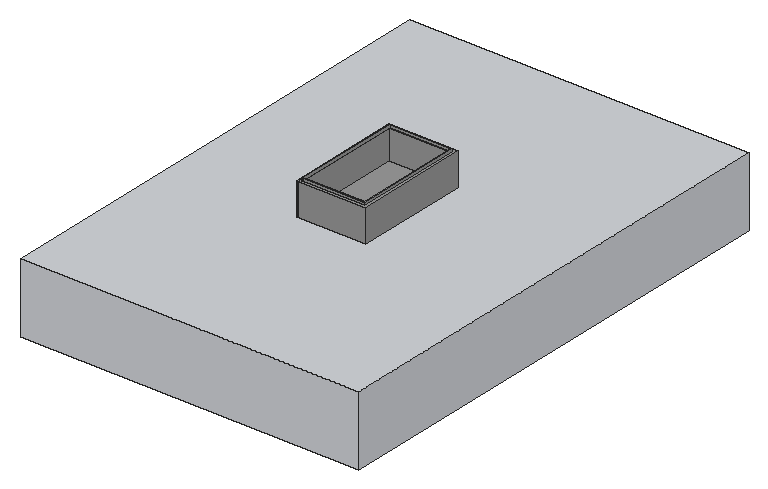
Revit family "Hager-Univers-IP30-D161-3rows-Cl.II-FWB_encl_empty-CH-de", category Equipement électrique, Revit 2020
Family settings
  Hôte = Face
  Configuration du panneau = Deux colonnes, circuits au sein
  Cote de connecteur circulaire = Utiliser le diamètre
  Type d'élément = Tableau de raccordement
  Couper avec des vides une fois chargée = Non
  Partagée = Non
  Point de calcul de pièce = Non
Parameters (values of type "Aufputz IP30 B300 H500 T161  - FWB31D1")
  Width Control [instance] = if([EF000008 - Breite] > Min Width, [EF000008 - Breite], Min Width)  # 300 mm
  Commentaires du type = [HG000003 - Bereich]  # "Univers"
  Thickness Door [instance] = if([EF009171 - Materialstärke Tür/Deckel] > 3 mm, 3 mm, [EF009171 - Materialstärke Tür/Deckel])  # 2 mm
  Seal Frame Offset [instance] = 17 mm  # constant formula
  Plinth Visibility [instance] = [HG000027 - Sockelhöhe] > 0 mm  # no
  Model = ""
  Min Width [instance] = 100 mm  # constant formula
  Min Height [instance] = 100 mm  # constant formula
  Min Depth [instance] = (2 * [EF009170 - Materialstärke Gehäuse]) + 1 mm  # 5 mm
  Internal Frame Depth [instance] = (Door System Depth * 0.5)  # 9 mm
  Height Control [instance] = if([EF000040 - Höhe] > Min Height, [EF000040 - Höhe], Min Height)  # 500 mm
  HG000027 - Sockelhöhe = 0 mm
  HG000026 - Stehend auf dem Boden = no
  HG000024 - Höhe des unteren Teils = 800 mm
  HG000023 - Gehäuse mit doppeltem Querschnitt = no
  HG000016 - 3D-Türsichtbarkeit [instance] = yes
  HG000015 - Sichtbarkeit der Türöffnung [instance] = no
  HG000014 - Tür rechts [instance] = yes
  HG000013 - Tür links [instance] = not([HG000014 - Tür rechts])  # no
  HG000012 - Türschwenkwinkel [instance] = 30.00°
  HG000010 - Asymmetrische Türen = no
  HG000009 - Doppelflügeligen Tür = no
  HG000006 - Unterputz = no
  HG000004 - Herstellerreferenz = "FWB31D1"
  HG000003 - Bereich = "Univers"
  HG000002 - Mit tür = no
  Frame Offset Bottom [instance] = 10 mm  # constant formula
  Frame Offset [instance] = 15 mm  # constant formula
  EF015940 - Deckel mit Überdruckentlastung = no
  EF011959 - Schutzart (NEMA) = ""
  EF009554 - Anzahl der Öffnungen für Flanschplatten = 2
  Fabricant = "Hager"  # constant formula
  EF009212 - Ausführung Deckel = "EV009916 - mit Ausschnitt"
  EF009171 - Materialstärke Tür/Deckel = 2 mm
  EF009170 - Materialstärke Gehäuse = 2 mm
  EF008873 - Nennstrom (In) = 125 A
  EF007800 - Geeignet für Blitzschutz = no
  EF006306 - Mit Schloss = no
  EF006244 - Transparenter Deckel/Tür = no
  EF005474 - Schutzart (IP) = "EV006410 - IP30"
  EF004464 - Art der Tür = "EV000494 - ohne"
  EF004427 - Anzahl der Module = 36
  EF004293 - Schlagfestigkeit = "EV006815 - IK09"
  EF003532 - Geeignet für Außengebrauch = no
  EF002950 - Breite in Teilungseinheiten = 12
  EF001613 - Funktionserhalt = "EV000494 - ohne"
  EF001596 - Werkstoff des Gehäuses = "EV000179 - Stahl"
  EF001131 - Innentiefe = 156 mm
  EF001088 - Anbaumöglichkeit = yes
  EF000437 - Anzahl der Leitungseinführungen = 4
  EF000339 - Art der Abdeckung = "EV000494 - ohne"
  EF000266 - Anzahl der Reihen = 0
  EF000218 - Einbautiefe = 0 mm
  EF000118 - Mit Montageplatte = no
  EF000116 - RAL-Nummer = "9010"
  EF000049 - Tiefe = 161 mm
  EF000040 - Höhe = 500 mm
  EF000008 - Breite = 300 mm
  EF000007 - Farbe = "EV000202 - weiß"
  EF000003 - Montageart = "EV000384 - Aufputz"
  Door System Leaf Tolerance [instance] = 1.5 mm  # constant formula
  Door System Depth [instance] = 18 mm  # constant formula
  Door Height [instance] = Height Control - [HG000027 - Sockelhöhe]  # 500 mm
  Depth Control [instance] = if([EF000049 - Tiefe] > Min Depth, [EF000049 - Tiefe], Min Depth)  # 161 mm
  Default Elevation = 0 mm
  Connector Offset [instance] = Height Control / 2  # 250 mm
  Bottom Top Plate Trim [instance] = 1.5 mm  # constant formula
  Plinth height Ctrl [instance] = if([HG000027 - Sockelhöhe] > 0 mm, [HG000027 - Sockelhöhe], 12 mm)  # 12 mm
Reference planes
  plane 1 "Center (Front/Back)": y = 0
  plane 2: z = 0
  plane 3 "Center (Left/Right)": x = 0
  plane 4: z = 161
  plane 5: y = 2
  plane 6: y = 250
  plane 7: y = 0
  plane 8: y = 500
  plane 9: z = 0
  plane 10: x = -135
  plane 11: x = 135
  plane 12: x = 133
  plane 13: x = -133
  plane 14: y = 498
  plane 15: x = -133
  plane 16: x = -150
  plane 17: x = 133
  plane 18: x = 150
  plane 19: x = 148
  plane 20: x = -148
  plane 21: y = 12
  plane 22: y = 500
  plane 23: y = 483
  plane 24: z = 143
  plane 25: z = 2
  plane 26: z = 141
  plane 27: z = 159
Forms (mm)
  Extrusion 1, solid
    sketch origin (0, 0, 0) x (1, 0, 0) y (0, 1, 0)
      loop
        line (-702.964, 1305) -> (-702.964, -811.445) -> (766.763, -811.445) -> (766.763, 1305) -> (-702.964, 1305)
    from 0 to -304.8
  Extrusion 2, solid, material "Hager_Steel_RAL7035_Light_Grey", visible <- "Plinth Visibility", detail levels medium+fine
    sketch origin (0, 0, 0) x (1, 0, 0) y (0, 1, 0)
      loop
        line (-150, 0) -> (150, 0) -> (150, 12) -> (-150, 12) -> (-150, 0)
    from 0 to 143
  Extrusion 3, solid, material "Hager_Steel_RAL7035_Light_Grey", detail levels medium+fine
    sketch origin (0, 0, 0) x (1, 0, 0) y (0, 1, 0)
      loop
        line (-150, 0) -> (150, 0) -> (150, 500) -> (-150, 500) -> (-150, 0)
    from 0 to 143
  Extrusion 4, void
    sketch origin (0, 0, 0) x (1, 0, 0) y (0, 1, 0)
      loop
        line (-148, 2) -> (148, 2) -> (148, 498) -> (-148, 498) -> (-148, 2)
    from 2 to 141
  Extrusion 5, void
    sketch origin (-381.607, -4572, 143) x (0, -1, 0) y (-1, 0, 0)
      loop
        line (-4584, -248.607) -> (-5055, -248.607) -> (-5055, -514.607) -> (-4584, -514.607) -> (-4584, -248.607)
    from 0 to 2 <- "EF009170 - Materialstärke Gehäuse"
  Extrusion 6, solid, material "Hager_Steel_RAL7035_Light_Grey", detail levels fine
    sketch origin (0, 0, 143) x (1, 0, 0) y (0, 1, 0)
      loop
        line (-133, 483) -> (-133, 12) -> (133, 12) -> (133, 483) -> (-133, 483)
      loop
        line (-135, 10) -> (135, 10) -> (135, 485) -> (-135, 485) -> (-135, 10)
    from 0 to 9 <- "Internal Frame Depth"
  Extrusion 7, solid, material "Hager_Steel_RAL7035_Light_Grey", detail levels coarse
    sketch origin (0, 0, 0) x (1, 0, 0) y (0, 1, 0)
      loop
        line (-150, 0) -> (150, 0) -> (150, 500) -> (-150, 500) -> (-150, 0)
    from 0 to 161
  Sweep 8, void
    path in 3D
      loop
        line (-150, 12, 0) -> (150, 12, 0) -> (150, 12, 143) -> (-150, 12, 143) -> (-150, 12, 0)
    profile origin (-150, 12, 71.5) x (-1, 0, 0) y (0, -1, 0)
      loop
        line (0, 0) -> (0, 1.5) -> (-1.5, 1.5)
        arc (-1.5, 1.5) -> (-1.061, 0.439) -> (0, 0) r 1.5
Cuts and joins
  Extrusion 4, Extrusion 5 cuts Extrusion 3
  Sweep 8 cuts Extrusion 2
Lines and regions (mm)
  Masking region 1
    outline origin (0, 0, 0) x (1, 0, 0) y (0, 0, 1)
      loop
        line (-150, 161) -> (-150, 0) -> (150, 0) -> (150, 161) -> (-150, 161)
  Masking region 2, detail levels medium+fine
    outline origin (0, 140, 0) x (0, 1, 0) y (0, 0, 1)
      loop
        line (-140, 0) -> (360, 0) -> (360, 143) -> (-140, 143) -> (-140, 0)
  Masking region 3, not visible, detail levels medium+fine
    outline origin (0, 297.922, 0) x (0, 1, 0) y (0, 0, 1)
      loop
        line (-36.422, 0) -> (3.578, 0) -> (3.578, 149)
        arc (3.578, 149) -> (0.649, 156.071) -> (-6.422, 159) r 10
        line (-6.422, 159) -> (-36.422, 159) -> (-36.422, 0)
  Masking region 4, detail levels coarse
    outline origin (0, 0, 180) x (0, 1, 0) y (0, 0, 1)
      loop
        line (0, -180) -> (500, -180) -> (500, -19) -> (0, -19) -> (0, -180)
  Masking region 5, visible <- "Plinth Visibility", detail levels medium+fine
    outline origin (0, 52.24, 12.345) x (0, 0, -1) y (0, 1, 0)
      loop
        line (10.845, -40.24) -> (-129.155, -40.24)
        arc (-129.155, -40.24) -> (-129.594, -41.301) -> (-130.655, -41.74) r 1.5
        line (-130.655, -41.74) -> (-130.655, -52.24) -> (12.345, -52.24) -> (12.345, -41.74)
        arc (12.345, -41.74) -> (11.285, -41.301) -> (10.845, -40.24) r 1.5
  Masking region 6, detail levels medium+fine
    outline origin (-381.607, -4572, 143) x (-1, 0, 0) y (0, -1, 0)
      loop
        line (-231.607, -5072) -> (-231.607, -4572) -> (-531.607, -4572) -> (-531.607, -5072) -> (-231.607, -5072)
  Masking region 7, visible <- "Plinth Visibility", detail levels medium+fine
    outline origin (-381.607, -4727, 143) x (-1, 0, 0) y (0, -1, 0)
      loop
        arc (-233.107, -4739) -> (-232.668, -4737.939) -> (-231.607, -4737.5) r 1.5
        line (-231.607, -4737.5) -> (-231.607, -4727) -> (-531.607, -4727) -> (-531.607, -4737.5)
        arc (-531.607, -4737.5) -> (-530.546, -4737.939) -> (-530.107, -4739) r 1.5
        line (-530.107, -4739) -> (-233.107, -4739)
  Masking region 8, detail levels coarse
    outline origin (-442.548, -4669.526, 143) x (-1, 0, 0) y (0, -1, 0)
      loop
        line (-292.548, -5169.526) -> (-292.548, -4669.526) -> (-592.548, -4669.526) -> (-592.548, -5169.526) -> (-292.548, -5169.526)
  sketch lines
    curve 1: line (-150, 12, 143) -> (-150, 12, 0)
    curve 2: line (150, 12, 143) -> (-150, 12, 143)
    curve 3: line (150, 12, 143) -> (150, 12, 0)
    curve 4: line (-150, 12, 0) -> (150, 12, 0)
Dimensions and locks
  "Depth Control": plane 4 to Extrusion 1
  "HG000027 - Sockelhöhe": plane 1 "Center (Front/Back)" to plane 7
  "EF009170 - Materialstärke Gehäuse": plane 5 to plane 7
  locked: connector elem to plane 3 "Center (Left/Right)"
  equal spacing: plane 8, plane 6, plane 7
  locked: connector elem to plane 6
  "EF009170 - Materialstärke Gehäuse": plane 8 to plane 14
  "EF009170 - Materialstärke Gehäuse": plane 10 to plane 13
  "EF009170 - Materialstärke Gehäuse": plane 12 to plane 11
  "Frame Offset": plane 20 to plane 13
  "Frame Offset": plane 12 to plane 19
  "EF009170 - Materialstärke Gehäuse": plane 16 to plane 20
  "EF009170 - Materialstärke Gehäuse": plane 19 to plane 18
  "Seal Frame Offset": plane 16 to plane 15
  "Seal Frame Offset": plane 17 to plane 18
  "Frame Offset Bottom": plane 21 to plane 5
  "Frame Offset": plane 14 to plane 23
  equal spacing: plane 16, plane 3 "Center (Left/Right)", plane 18
  "Width Control": plane 16 to plane 18
  "EF009170 - Materialstärke Gehäuse": plane 4 to plane 27
  "EF009170 - Materialstärke Gehäuse": plane 24 to plane 26
  "EF009170 - Materialstärke Gehäuse": plane 25 to level
  "Door System Depth": plane 4 to plane 24
  "Height Control": plane 1 "Center (Front/Back)" to Extrusion 7 sketch curve
  "Height Control": Masking region 4 sketch curve to plane 1 "Center (Front/Back)"
  "Height Control": plane 1 "Center (Front/Back)" to plane 22
  "Bottom Top Plate Trim": profile plane to Sweep 8 sketch curve
  "Bottom Top Plate Trim": Sweep 8 sketch curve to profile plane
  "Plinth height Ctrl": plane 1 "Center (Front/Back)" to Extrusion 2 sketch curve
  "Plinth height Ctrl": Masking region 5 sketch curve to plane 1 "Center (Front/Back)"
  "Plinth height Ctrl": plane 1 "Center (Front/Back)" to Masking region 7 sketch curve
  "Thickness Door": Extrusion 6 sketch curve to Extrusion 6 sketch curve  (x3)
  "Thickness Door": cut or joined group of Extrusion 3, Extrusion 4, Extrusion 5 to Extrusion 6 sketch curve
  radius of Masking region 3 sketch curve = 10 mm
  "Bottom Top Plate Trim": radius of Masking region 5 sketch curve  (x2)
  "Bottom Top Plate Trim": radius of Sweep 8 sketch curve
  "Bottom Top Plate Trim": radius of Masking region 7 sketch curve  (x2)
  aligned and locked: plane 2 to Extrusion 1
  aligned and locked: level to Extrusion 1
  aligned and locked: level to Masking region 1 sketch curve
  aligned and locked: Masking region 1 sketch curve to plane 18
  aligned and locked: Masking region 1 sketch curve to plane 16
  aligned and locked: plane 7 to Masking region 2 sketch curve
  aligned and locked: level to Masking region 3 sketch curve
  aligned and locked: Masking region 3 sketch curve to plane 27
  aligned and locked: level to Masking region 2 sketch curve
  aligned and locked: plane 1 "Center (Front/Back)" to Extrusion 2 sketch curve
  aligned and locked: Extrusion 3 sketch curve to plane 7
  aligned and locked: plane 16 to Extrusion 3 sketch curve
  aligned and locked: plane 18 to Extrusion 3 sketch curve
  aligned and locked: plane 20 to Extrusion 4 sketch curve
  aligned and locked: plane 19 to Extrusion 4 sketch curve
  aligned and locked: Extrusion 4 sketch curve to plane 5
  aligned and locked: Extrusion 4 to plane 25
  aligned and locked: plane 26 to Extrusion 4
  aligned and locked: plane 24 to Extrusion 3
  aligned and locked: plane 21 to Extrusion 5 sketch curve
  aligned and locked: Extrusion 5 sketch curve to plane 13
  aligned and locked: Extrusion 5 sketch curve to plane 12
  aligned and locked: plane 18 to Extrusion 7 sketch curve
  aligned and locked: plane 1 "Center (Front/Back)" to Extrusion 7 sketch curve
  aligned and locked: plane 16 to Extrusion 7 sketch curve
  aligned and locked: plane 4 to Extrusion 7
  aligned and locked: Extrusion 7 to level
  aligned and locked: level to Masking region 4 sketch curve
  aligned and locked: Masking region 4 sketch curve to plane 1 "Center (Front/Back)"
  aligned and locked: Masking region 4 sketch curve to plane 4
  aligned and locked: nested 1 to level
  aligned and locked: nested 1 to plane 16
  aligned and locked: plane 8 to Extrusion 3 sketch curve
  aligned and locked: plane 23 to Extrusion 5 sketch curve
  aligned and locked: plane 14 to Extrusion 4 sketch curve
  aligned and locked: Masking region 2 sketch curve to plane 8
  aligned and locked: level to Masking region 5 sketch curve
  aligned and locked: plane 16 to Extrusion 2 sketch curve
  aligned and locked: plane 18 to Extrusion 2 sketch curve
  aligned and locked: Masking region 5 sketch curve to plane 24
  aligned and locked: Masking region 2 sketch curve to plane 24
  aligned and locked: plane 24 to Extrusion 2
  aligned and locked: profile plane to Sweep 8 sketch curve  (x2)
  aligned and locked: Masking region 6 sketch curve to plane 18
  aligned and locked: Masking region 6 sketch curve to plane 22
  aligned and locked: Masking region 6 sketch curve to plane 16
  aligned and locked: plane 8 to plane 22
  aligned and locked: plane 7 to Masking region 6 sketch curve
  aligned and locked: Masking region 7 sketch curve to plane 16
  aligned and locked: Masking region 7 sketch curve to plane 1 "Center (Front/Back)"
  aligned and locked: Masking region 7 sketch curve to plane 18
  aligned and locked: Masking region 8 sketch curve to plane 1 "Center (Front/Back)"
  aligned and locked: Masking region 8 sketch curve to plane 18
  aligned and locked: Masking region 8 sketch curve to plane 22
  aligned and locked: Masking region 8 sketch curve to plane 16
  aligned and locked: nested 2 to plane 7
  aligned and locked: plane 3 "Center (Left/Right)" to nested 2
  aligned and locked: plane 24 to nested 2
  aligned and locked: Extrusion 6 sketch curve to cut or joined group of Extrusion 3, Extrusion 4, Extrusion 5  (x4)
Automatic sketch dimensions
  Extrusion 1 sketch curve to Extrusion 1 sketch curve = 1469.727 mm
  Extrusion 1 sketch curve to Extrusion 1 sketch curve = 2116.445 mm
  Masking region 1 sketch curve to plane 4 = 0 mm
  plane 6 to Masking region 3 sketch curve = 11.5 mm
  Masking region 3 sketch curve to Masking region 3 sketch curve = 30 mm
  Masking region 5 sketch curve to plane 1 "Center (Front/Back)" = 0 mm
Nested families
  nested 1: "Hager_Enclosure_Symbol" at (-150, 0, 0) x (1, 0, 0) z (0, -1, 0), Height <- "Depth Control", Width <- "Width Control", type "Hager_Enclosure_Symbol"
    with Width_Ctrl 300 mm, Width 300 mm, Height_Ctrl 161 mm, Height 161 mm, A_Width_Int 10.566 mm, A_Width 126.788 mm, A_Height_Ctrl 140.875 mm, A_Height 140.875 mm
  nested 2: "EC000058_Univers_Door" at (0, 0, 143) x (1, 0, 0) z (0, 1, 0), Leaf_Tolerance <- "Door System Leaf Tolerance", Angle <- "HG000012 - Türschwenkwinkel", Door_Depth <- "Door System Depth", Door_Left <- "HG000013 - Tür links", Transparent <- "EF006244 - Transparenter Deckel/Tür", Assymetrical <- "HG000010 - Asymmetrische Türen", Width <- "Width Control", Clearance <- "HG000015 - Sichtbarkeit der Türöffnung", Double <- "HG000009 - Doppelflügeligen Tür", 3d_Door <- "HG000016 - 3D-Türsichtbarkeit", Lock_Visibility <- "EF006306 - Mit Schloss", Width_Ctrl <- "Width Control", Door_Right <- "HG000014 - Tür rechts", Door <- "HG000002 - Mit tür", Height <- "Door Height", Thickness <- "Thickness Door", type "EC000058_Univers_Door", detail levels medium+fine
    with min_wh 5 mm, Width_Ctrl 300 mm, Width 300 mm, Transparent no, Thickness 2 mm, Seal_Material Hager_Rubber, Lock_Visibility no, Lock_Material Hager_Plastic_RAL9005_Jet_Black, Leaf_Width 300 mm, Leaf_Tolerance_External_Sides 0 mm, Leaf_Tolerance 1.5 mm, Leaf_Offset 0 mm, Leaf_Height 497 mm, Leaf_2_Width 300 mm, Leaf_2_Offset 150 mm, Leaf_1_Width 300 mm, Leaf_1_Offset 150 mm, Height_Ctrl 500 mm, Height 500 mm, Glass_Material Hager_Glass, Double_Clearance_Ctrl no, Double no, Door_Right_Ctrl no, Door_Right yes, Door_Material Hager_Steel_RAL7035_Light_Grey, Door_Left_Ctrl no, Door_Left no, Door_Depth 18 mm, Door no, Clearance_Material Hager_Clearance, Clearance_Depth 300 mm, Clearance_Ctrl no, Clearance no, Assymetrical no, Angle 30.00°, 3d_Door yes
Connectors
  electrical at (0, 250, 0)
    settings: on plane 9, index 1, voltage 0 V, apparent load 0 VA, apparent load phase1 0 VA, apparent load phase2 0 VA, apparent load phase3 0 VA, power factor 1, load classification "Other", number of poles 1, system type 30, power factor state 1, is connector primary yes, connector utility no, sub classification motor no, connector description ""
Definition of nested family "Hager_Enclosure_Symbol"
  Parameters (values of type "Hager_Enclosure_Symbol")
    Width_Ctrl [instance] = if(Width > 1 mm, Width, 1 mm)  # 102.27 mm
    Width [instance] = 102.27 mm
    Height_Ctrl [instance] = if(Height > 1 mm, Height, 1 mm)  # 66.5 mm
    A_Width_Int [instance] = if(A_Width / 12 > 2 mm, A_Width / 12, 2 mm)  # 4.364 mm
    A_Width [instance] = if(A_Height_Ctrl * 0.9 > 2 mm, A_Height_Ctrl * 0.9, 2 mm)  # 52.369 mm
    A_Height_Ctrl [instance] = if(A_Height > 2 mm, A_Height, 2 mm)  # 58.188 mm
    Height [instance] = 66.5 mm
    A_Height [instance] = Height - (Height / 8)  # 58.188 mm
  Reference planes
    plane 1 "Centre (avant/arrière)": y = 0
    plane 2: z = 0
    plane 3 "Centre (gauche/droite)": x = 0
    plane 4: x = 52.369
    plane 5: y = 33.042
    plane 6: y = 41.77
    plane 7: y = 66.5
    plane 8: x = 26.184
    plane 9: y = 37.406
    plane 10: x = 102.27
    plane 11: y = 66.5
    plane 12: y = 8.313
  Lines and regions (mm)
    Filled region 1, type "Solid_Black", in view "Niveau de réf."
      outline origin (0, 0, 0) x (1, 0, 0) y (0, 1, 0)
        loop
          line (52.369, 66.5) -> (33.188, 54.536) -> (45.365, 45.006) -> (52.369, 66.5)
    Filled region 2, type "Solid_Black", in view "Niveau de réf."
      outline origin (0, 0, 0) x (1, 0, 0) y (0, 1, 0)
        loop
          line (0, 0) -> (102.27, 0) -> (102.27, 66.5) -> (0, 0)
    detail lines, in view "Niveau de réf."
      curve 1: line (0, 8.313, 0) -> (26.184, 41.77, 0)
      curve 2: line (26.184, 41.77, 0) -> (26.184, 33.042, 0)
      curve 3: line (26.184, 33.042, 0) -> (52.369, 66.5, 0)
  Dimensions and locks
    "A_Width": plane 3 "Centre (gauche/droite)" to plane 4
    equal spacing: plane 3 "Centre (gauche/droite)", plane 8, plane 4
    equal spacing: plane 6, plane 9, plane 5
    equal spacing: curve 3, Filled region 1 sketch curve, Filled region 1 sketch curve
    "Height_Ctrl": plane 1 "Centre (avant/arrière)" to plane 11
    "A_Height_Ctrl": plane 11 to plane 12
    equal spacing: plane 11, plane 9, plane 12
    "A_Width_Int": plane 6 to plane 9
    "Width_Ctrl": plane 3 "Centre (gauche/droite)" to plane 10
    angle Filled region 1 sketch curve to curve 3 = 20.00°
    angle curve 3 to Filled region 1 sketch curve = 20.00°
    locked: curve 3 to Filled region 1 sketch curve (angle 90.00°)
    aligned and locked: plane 10 to Filled region 2
    aligned and locked: plane 11 to Filled region 2 sketch curve
    aligned and locked: plane 10 to Filled region 2 sketch curve
    aligned and locked: plane 3 "Centre (gauche/droite)" to curve 1
    aligned and locked: plane 12 to curve 1
    aligned and locked: plane 7 to plane 11
  Automatic sketch dimensions
    Filled region 1 sketch curve to plane 4 = 0 mm
    Filled region 1 sketch curve to plane 7 = 0 mm
    plane 1 "Centre (avant/arrière)" to Filled region 2 sketch curve = 0 mm
    Filled region 2 sketch curve to plane 3 "Centre (gauche/droite)" = 0 mm
    curve 2 to plane 6 = 0 mm
    curve 2 to plane 8 = 0 mm
    curve 3 to plane 4 = 0 mm
    curve 2 to plane 5 = 0 mm
    curve 3 to plane 7 = 0 mm
Definition of nested family "EC000058_Univers_Door"
  Parameters (values of type "EC000058_Univers_Door")
    min_wh [instance] = (2 * Thickness) + 1 mm  # 11 mm
    Width_Ctrl [instance] = 400 mm
    Width [instance] = 500 mm
    Transparent [instance] = yes
    Thickness [instance] = 5 mm
    Seal_Material [instance] = none
    Lock_Visibility [instance] = yes
    Lock_Material [instance] = none
    Leaf_Width [instance] = if((Width_Ctrl - 2 * Leaf_Tolerance_External_Sides) > 0 mm, (Width_Ctrl - 2 * Leaf_Tolerance_External_Sides), min_wh)  # 400 mm
    Leaf_Tolerance_External_Sides [instance] = 0 mm  # constant formula
    Leaf_Tolerance [instance] = 1.5 mm
    Leaf_Offset [instance] = 0 mm  # constant formula
    Leaf_Height [instance] = if((Height_Ctrl - 2 * Leaf_Tolerance) > 0 mm, (Height_Ctrl - 2 * Leaf_Tolerance), min_wh)  # 497 mm
    Leaf_2_Width [instance] = if(and(and(Double, Assymetrical), Door_Left), (Leaf_Width / 3) - (Leaf_Tolerance / 2), if(and(and(Double, Assymetrical), Door_Right), (Leaf_Width / 3) * 2 - (Leaf_Tolerance / 2), if(and(Double, not(Assymetrical)), (Leaf_Width / 2) - Leaf_Tolerance, Leaf_Width)))  # 400 mm
    Leaf_2_Offset [instance] = if(and(Double, Assymetrical), Leaf_2_Width / 2, if(and(Double, not(Assymetrical)), Leaf_Width / 4, Leaf_Width / 2))  # 200 mm
    Leaf_1_Width [instance] = if(and(and(Double, Assymetrical), Door_Right), (Leaf_Width / 3) - (Leaf_Tolerance / 2), if(and(and(Double, Assymetrical), Door_Left), (Width / 3) * 2 - (Leaf_Tolerance / 2), if(and(Double, not(Assymetrical)), (Leaf_Width / 2) - Leaf_Tolerance, Leaf_Width)))  # 400 mm
    Leaf_1_Offset [instance] = if(and(Double, Assymetrical), Leaf_1_Width / 2, if(and(Double, not(Assymetrical)), Leaf_Width / 4, Leaf_Width / 2))  # 200 mm
    Height_Ctrl [instance] = if(Height > min_wh, Height, min_wh)  # 500 mm
    Height [instance] = 500 mm
    Glass_Material [instance] = none
    Double_Clearance_Ctrl [instance] = and(Double, Clearance)  # no
    Double [instance] = no
    Door_Right_Ctrl [instance] = and(or(Door_Right, Double), Door)  # yes
    Door_Right [instance] = yes
    Door_Material [instance] = none
    Door_Left_Ctrl [instance] = and(or(Door_Left, Double), Door)  # no
    Door_Left [instance] = no
    Door_Depth [instance] = 30 mm
    Door [instance] = yes
    Default Elevation = 1219.2 mm
    Clearance_Material [instance] = none
    Clearance_Depth [instance] = if(Leaf_1_Width > Leaf_2_Width, Leaf_1_Width, Leaf_2_Width)  # 400 mm
    Clearance_Ctrl [instance] = and(not(Double), Clearance)  # yes
    Clearance [instance] = yes
    Assymetrical [instance] = yes
    Angle [instance] = 30.00°
    3d_Door [instance] = yes
  Reference planes
    plane 1 "Center (Front/Back)": y = 0
    plane 2 "Bottom": z = 0
    plane 3 "Center (Left/Right)": x = 0
    plane 4: z = 500
    plane 5: x = -200
    plane 6: x = 200
    plane 7: z = 500
    plane 8: x = -200
    plane 9: z = 0
    plane 10: x = 200
    plane 11: y = 0
    plane 12: z = 1.5
    plane 13: x = -600
    plane 14: y = -400
    plane 15: x = 600
    plane 16: x = 0
    plane 17: x = 0
    plane 18: x = -200
    plane 19: x = 200
    plane 20: z = 498.5
  Forms (mm)
    Extrusion 1, solid, material <- "Clearance_Material", visible <- "Double_Clearance_Ctrl"
      sketch origin (1200, 0, 0) x (1, 0, 0) y (0, 0, -1)
        loop
          line (-1800, -498.5) -> (-600, -498.5) -> (-600, 0) -> (-1800, 0) -> (-1800, -498.5)
      from 0 to -400
  Dimensions and locks
    equal spacing: plane 5, plane 3 "Center (Left/Right)", plane 6
    "Width_Ctrl": plane 5 to plane 6
    "Leaf_Offset": plane 5 to plane 8
    "Leaf_Offset": plane 6 to plane 10
    "Leaf_Offset": plane 9 to level
    "Leaf_Offset": plane 4 to plane 7
    "Height_Ctrl": plane 4 to level
    "Leaf_Tolerance": plane 12 to plane 9
    locked: plane 11 to plane 1 "Center (Front/Back)"
    "Leaf_1_Offset": plane 18 to plane 16
    "Leaf_2_Offset": plane 17 to plane 19
    "Leaf_1_Width": plane 13 to plane 8
    "Leaf_2_Width": plane 10 to plane 15
    "Clearance_Depth": plane 14 to plane 1 "Center (Front/Back)"
    "Leaf_Tolerance_External_Sides": plane 8 to plane 18
    "Leaf_Tolerance_External_Sides": plane 19 to plane 10
    "Leaf_Tolerance": plane 7 to plane 20
    aligned and locked: level to plane 2 "Bottom"
    aligned and locked: nested 1 to plane 16
    aligned and locked: nested 2 to plane 17
    aligned and locked: Extrusion 1 to plane 13
    aligned and locked: plane 15 to Extrusion 1
    aligned and locked: Extrusion 1 to plane 14
    aligned and locked: plane 12 to nested 1
    aligned and locked: nested 2 to plane 12
    aligned and locked: Extrusion 1 to plane 11
    aligned and locked: plane 20 to Extrusion 1
    aligned and locked: nested 2 to plane 11
    aligned and locked: nested 1 to plane 11
  Automatic sketch dimensions
    Extrusion 1 sketch curve to level = 0 mm
    plane 5 to Extrusion 1 sketch curve = 400 mm
    plane 6 to Extrusion 1 sketch curve = 400 mm
    Extrusion 1 sketch curve to plane 4 = 1.5 mm
  Nested families
    nested 1: "EC000058_Univers_Door_Leaf" at (0, 0, 1.5), Width <- "Leaf_1_Width", visible <- "Door_Left_Ctrl", Leaf_Height <- "Leaf_Height", Angle <- "Angle", 3d_Door <- "3d_Door", Transparent <- "Transparent", Clearance Material <- "Clearance_Material", Clearance <- "Clearance_Ctrl", Door_Material <- "Door_Material", Glass_Material <- "Glass_Material", Door_Depth <- "Door_Depth", Lock_Material <- "Lock_Material", Seal_Material <- "Seal_Material", Lock_Visibility <- "Lock_Visibility", Thickness <- "Thickness", type "EC000058_Univers_Door_Leaf"
      with Width 400 mm, Transparent_Glass_Offset 30 mm, Transparent_Ctrl yes, Transparent yes, Thickness 5 mm, Standard no, Seal_Material none, Seal_D2 8 mm, Seal_D1 1 mm, Offset_Internal_Frame 10 mm, Lock_Width 20 mm, Lock_Visibility_3d yes, Lock_Visibility yes, Lock_Thickness_3 3 mm, Lock_Thickness_2 1 mm, Lock_Thickness_1 3 mm, Lock_Radius_Offset_2 16 mm, Lock_Radius_Offset_1 15 mm, Lock_Radius_2 5 mm, Lock_Radius 6 mm, Lock_Offset 5 mm, Lock_Material none, Lock_Height 80 mm, Lock_Cover_Top_Offset_2d 17 mm, Lock_Cover_Height -65 mm, Leaf_Height 497 mm, Internal_Seal_Thickness 8 mm, Internal_Seal_Depth_2 4.5 mm, Internal_Frame_Depth 25 mm, Glass_Thickness -1 mm, Glass_Offset -2 mm, Glass_Material none, Door_Material none, Door_Depth 30 mm, Clearance Material none, Clearance yes, Angle_Ctrl 30.00°, Angle 30.00°, 3d_Door yes
    nested 2: "EC000058_Univers_Door_Leaf" at (0, 0, 1.5) x (-1, 0, 0) z (0, 0, 1), Width <- "Leaf_2_Width", visible <- "Door_Right_Ctrl", Leaf_Height <- "Leaf_Height", Angle <- "Angle", 3d_Door <- "3d_Door", Transparent <- "Transparent", Clearance Material <- "Clearance_Material", Clearance <- "Clearance_Ctrl", Door_Material <- "Door_Material", Glass_Material <- "Glass_Material", Door_Depth <- "Door_Depth", Lock_Material <- "Lock_Material", Seal_Material <- "Seal_Material", Lock_Visibility <- "Lock_Visibility", Thickness <- "Thickness", type "EC000058_Univers_Door_Leaf"
      with Width 400 mm, Transparent_Glass_Offset 30 mm, Transparent_Ctrl yes, Transparent yes, Thickness 5 mm, Standard no, Seal_Material none, Seal_D2 8 mm, Seal_D1 1 mm, Offset_Internal_Frame 10 mm, Lock_Width 20 mm, Lock_Visibility_3d yes, Lock_Visibility yes, Lock_Thickness_3 3 mm, Lock_Thickness_2 1 mm, Lock_Thickness_1 3 mm, Lock_Radius_Offset_2 16 mm, Lock_Radius_Offset_1 15 mm, Lock_Radius_2 5 mm, Lock_Radius 6 mm, Lock_Offset 5 mm, Lock_Material none, Lock_Height 80 mm, Lock_Cover_Top_Offset_2d 17 mm, Lock_Cover_Height -65 mm, Leaf_Height 497 mm, Internal_Seal_Thickness 8 mm, Internal_Seal_Depth_2 4.5 mm, Internal_Frame_Depth 25 mm, Glass_Thickness -1 mm, Glass_Offset -2 mm, Glass_Material none, Door_Material none, Door_Depth 30 mm, Clearance Material none, Clearance yes, Angle_Ctrl 30.00°, Angle 30.00°, 3d_Door yes
  Definition of nested family "EC000058_Univers_Door_Leaf"
    Parameters (values of type "EC000058_Univers_Door_Leaf")
      Width [instance] = 2000 mm
      Transparent_Glass_Offset [instance] = 30 mm
      Transparent_Ctrl [instance] = and(Transparent, [3d_Door])  # yes
      Transparent [instance] = yes
      Thickness [instance] = 5 mm
      Standard [instance] = and(not(Transparent), [3d_Door])  # no
      Seal_Material [instance] = none
      Seal_D2 [instance] = 8 mm  # constant formula
      Seal_D1 [instance] = 1 mm  # constant formula
      Offset_Internal_Frame [instance] = 10 mm  # constant formula
      Lock_Width [instance] = 20 mm  # constant formula
      Lock_Visibility_3d [instance] = and(Lock_Visibility, [3d_Door])  # yes
      Lock_Visibility [instance] = yes
      Lock_Thickness_3 [instance] = 3 mm  # constant formula
      Lock_Thickness_2 [instance] = 1 mm  # constant formula
      Lock_Thickness_1 [instance] = 3 mm  # constant formula
      Lock_Radius_Offset_2 [instance] = Lock_Radius_Offset_1 + 1 mm  # 16 mm
      Lock_Radius_Offset_1 [instance] = 15 mm  # constant formula
      Lock_Radius_2 [instance] = Lock_Radius - 1 mm  # 5 mm
      Lock_Radius [instance] = 6 mm  # constant formula
      Lock_Offset [instance] = 5 mm  # constant formula
      Lock_Material [instance] = none
      Lock_Height [instance] = 80 mm  # constant formula
      Lock_Cover_Top_Offset_2d [instance] = Lock_Radius_Offset_2 + 1 mm  # 17 mm
      Lock_Cover_Height [instance] = -(Lock_Height - Lock_Radius_Offset_1)  # -65 mm
      Leaf_Height [instance] = 2720.336 mm
      Internal_Seal_Thickness [instance] = 8 mm  # constant formula
      Internal_Seal_Depth_2 [instance] = 4.5 mm  # constant formula
      Internal_Frame_Depth [instance] = if(Door_Depth - Thickness > 5 mm, Door_Depth - Thickness, 5 mm)  # 25 mm
      Glass_Thickness [instance] = if(Thickness > 15 mm, Glass_Offset + 10 mm, -1 mm)  # -1 mm
      Glass_Offset [instance] = if(Thickness > 15 mm, -(Thickness + 10 mm) / 2, -2 mm)  # -2 mm
      Glass_Material [instance] = none
      Door_Material [instance] = none
      Door_Depth [instance] = 30 mm
      Default Elevation = 0 mm
      Clearance Material [instance] = none
      Clearance [instance] = yes
      Angle_Ctrl [instance] = if(Angle > 180.00°, 180.00°, Angle)  # 90.00°
      Angle [instance] = 90.00°
      3d_Door [instance] = yes
    Reference planes
      plane 1 "Center (Front/Back)": y = 0
      plane 2: z = 0
      plane 3 "Center (Left/Right)": x = 0
      plane 4: y = 2000
      plane 5: x = -1000
      plane 6: x = 1000
      plane 7: x = -3000
      plane 8: z = 2720.336
      plane 9: z = 30
      plane 10: z = 2690.336
      plane 11: x = 970
      plane 12: x = -970
      plane 13: y = -3
      plane 14: z = 107.833
      plane 15: y = -5
      plane 16: y = -223.314
      plane 17: x = -1000
      plane 18: z = 1360.168
      plane 19: y = 30
    Forms (mm)
      Extrusion 1, solid, material <- "Clearance Material", visible <- "Clearance"
        sketch origin (0, 0, 0) x (1, 0, 0) y (0, 0, 1)
          loop
            line (-3000, 2720.336) -> (-3000, 0) -> (1000, 0) -> (1000, 2720.336) -> (-3000, 2720.336)
        from 0 to -2000
      Extrusion 2, solid, material <- "Door_Material", visible <- "Standard", detail levels medium+fine
        sketch origin (-1000, 0, 0) x (0, 1, 0) y (-1, 0, 0)
          loop
            line (0, 30) -> (0, 25) -> (2000, 25) -> (2000, 30) -> (0, 30)
        from 0 to 2720.336 <- "Leaf_Height"
      Extrusion 3, solid, material <- "Door_Material", visible <- "Transparent_Ctrl", detail levels medium+fine
        sketch origin (-1000, 0, 0) x (0, 1, 0) y (-1, 0, 0)
          loop
            line (0, 25) -> (2000, 25) -> (2000, 30) -> (0, 30) -> (0, 25)
        from 0 to 2720.336 <- "Leaf_Height"
      Extrusion 4, void
        sketch origin (-1025, 2000, 0) x (0, 1, 0) y (0, 0, -1)
          loop
            line (-30, -2690.336) -> (-30, -30) -> (-1970, -30) -> (-1970, -2690.336) -> (-30, -2690.336)
        from 0 to 5 <- "Thickness"
      Sweep 5, solid, material <- "Seal_Material", visible <- "Transparent_Ctrl", detail levels fine
        path in 3D
          loop
            line (-1025, 30, 30) -> (-1025, 30, 2690.336) -> (-1025, 1970, 2690.336) -> (-1025, 1970, 30) -> (-1025, 30, 30)
        profile origin (-1025, 1000, 30) x (1, 0, 0) y (0, 0, 1)
          loop
            line (0, 0) -> (0, -8) -> (1, -8) -> (1, 0) -> (0, 0)
      Extrusion 6, solid, material <- "Glass_Material", visible <- "Transparent_Ctrl", detail levels medium+fine
        sketch origin (-1030, 0, 0) x (0, 1, 0) y (0, 0, -1)
          loop
            line (1970, -2690.336) -> (1970, -30) -> (30, -30) -> (30, -2690.336) -> (1970, -2690.336)
        from -2 <- "Glass_Offset" to -1 <- "Glass_Thickness"
      Extrusion 7, solid, material <- "Door_Material", visible <- "3d_Door", detail levels medium+fine
        sketch origin (-1025, 2000, 0) x (0, -1, 0) y (0, 0, -1)
          loop
            line (0, -2720.336) -> (2000, -2720.336) -> (2000, 0) -> (0, 0) -> (0, -2720.336)
          loop
            line (1995, -5) -> (5, -5) -> (5, -2715.336) -> (1995, -2715.336) -> (1995, -5)
        from 0 to 25 <- "Internal_Frame_Depth"
      Sweep 8, solid, material <- "Seal_Material", visible <- "Transparent_Ctrl", detail levels fine
        path in 3D
          loop
            line (-1025, 0, 0) -> (-1025, 2000, 0) -> (-1025, 2000, 2720.336) -> (-1025, 0, 2720.336) -> (-1025, 0, 0)
        profile origin (-1025, 0, 1360.168) x (1, 0, 0) y (0, 1, 0)
          loop
            line (0, 10) -> (2.975, 10)
            arc (2.975, 10) -> (4.053, 10.447) -> (4.5, 11.525) r 1.525
            line (4.5, 11.525) -> (4.5, 16.527)
            arc (4.5, 16.527) -> (4.069, 17.569) -> (3.027, 18) r 1.473
            line (3.027, 18) -> (0, 18) -> (0, 10)
      Extrusion 9, solid, material <- "Lock_Material", visible <- "Lock_Visibility_3d", detail levels fine
        sketch origin (-1030, 0, 0) x (0, 1, 0) y (0, 0, -1)
          loop
            arc (1993.5, -1400.168) -> (1994.561, -1399.729) -> (1995, -1398.668) r 1.5
            line (1995, -1398.668) -> (1995, -1320.168) -> (1975, -1320.168) -> (1975, -1398.668)
            arc (1975, -1398.668) -> (1975.439, -1399.729) -> (1976.5, -1400.168) r 1.5
            line (1976.5, -1400.168) -> (1993.5, -1400.168)
        from 3 <- "Lock_Thickness_1" to 0
      Blend 10, solid, material <- "Lock_Material", visible <- "Lock_Visibility_3d", detail levels fine
        base sketch origin (-1033, 0, 0) x (0, 1, 0) y (0, 0, -1)
          loop
            line (1975, -1320.168) -> (1975, -1398.668)
            arc (1975, -1398.668) -> (1975.439, -1399.729) -> (1976.5, -1400.168) r 1.5
            line (1976.5, -1400.168) -> (1993.5, -1400.168)
            arc (1993.5, -1400.168) -> (1994.561, -1399.729) -> (1995, -1398.668) r 1.5
            line (1995, -1398.668) -> (1995, -1320.168) -> (1975, -1320.168)
        top sketch origin (-1033, 0, 0) x (0, 1, 0) y (0, 0, -1)
          loop
            line (1976, -1320.168) -> (1976, -1398.668)
            arc (1976, -1398.668) -> (1976.146, -1399.022) -> (1976.5, -1399.168) r 0.5
            line (1976.5, -1399.168) -> (1993.5, -1399.168)
            arc (1993.5, -1399.168) -> (1993.854, -1399.022) -> (1994, -1398.668) r 0.5
            line (1994, -1398.668) -> (1994, -1320.168) -> (1976, -1320.168)
        from 0 to 1 <- "Lock_Thickness_2"
      Blend 11, solid, material <- "Lock_Material", visible <- "Lock_Visibility_3d", detail levels fine
        base sketch origin (-1034, 0, 0) x (0, 1, 0) y (0, 0, -1)
          loop
            line (1978, -1320.168) -> (1978, -1384.168)
            arc (1978, -1384.168) -> (1985, -1391.168) -> (1992, -1384.168) r 7
            line (1992, -1384.168) -> (1992, -1320.168) -> (1978, -1320.168)
        top sketch origin (-1034, 0, 0) x (0, 1, 0) y (0, 0, -1)
          loop
            line (1991, -1320.168) -> (1979, -1320.168) -> (1979, -1383.168)
            arc (1979, -1383.168) -> (1985, -1389.168) -> (1991, -1383.168) r 6
            line (1991, -1383.168) -> (1991, -1320.168)
        from 0 to 3 <- "Lock_Thickness_3"
      Extrusion 12, solid, material <- "Lock_Material", visible <- "Lock_Visibility_3d", detail levels fine
        sketch origin (-1030, 1975, 1320.168) x (1, 0, 0) y (0, -1, 0)
          loop
            line (-7, -19) -> (-7, -1) -> (0, -1) -> (0, 0) -> (-8, 0) -> (-8, -20) -> (0, -20) -> (0, -19) -> (-7, -19)
        from 0 to -65 <- "Lock_Cover_Height"
      Extrusion 13, void
        sketch origin (-1038, 1995, 1320.168) x (-1, 0, 0) y (0, 0, -1)
          loop
            line (-5, -65) -> (0, -65) -> (-5, -60) -> (-5, -65)
        from 0 to 20 <- "Lock_Width"
      Extrusion 14, void
        sketch origin (-1038, 1975, 1320.168) x (0, -1, 0) y (0, 0, -1)
          loop
            circle (-10, -15.995) r 6
          loop
            circle (-10, -15.995) r 5
        from 0 to 2
      Extrusion 15, solid, material <- "Lock_Material", visible <- "Lock_Visibility_3d", detail levels medium
        sketch origin (-1030, 0, 0) x (0, 1, 0) y (0, 0, -1)
          loop
            arc (1993.5, -1400.168) -> (1994.561, -1399.729) -> (1995, -1398.668) r 1.5
            line (1995, -1398.668) -> (1995, -1320.168) -> (1975, -1320.168) -> (1975, -1398.668)
            arc (1975, -1398.668) -> (1975.439, -1399.729) -> (1976.5, -1400.168) r 1.5
            line (1976.5, -1400.168) -> (1993.5, -1400.168)
        from 8 to 0
    Cuts and joins
      Extrusion 4 cuts Extrusion 3
      Extrusion 13, Extrusion 14 cuts Extrusion 9
      Extrusion 14 cuts Blend 11
      Extrusion 13, Extrusion 14 cuts Extrusion 12
      joined: Extrusion 9, Blend 10, Blend 11, Extrusion 12
      Extrusion 14 cuts Extrusion 15
    Lines and regions (mm)
      Masking region 1, visible <- "Lock_Visibility", detail levels fine
        outline origin (0, 0, 0) x (0, 1, 0) y (0, 0, 1)
          loop
            line (30, 1320.168) -> (33, 1320.168) -> (33, 1400.168) -> (30, 1400.168) -> (30, 1320.168)
      Masking region 2, visible <- "Lock_Visibility", detail levels fine
        outline origin (0, 3.143, 0) x (0, 1, 0) y (0, 0, 1)
          loop
            line (29.857, 1354.168) -> (30.857, 1354.168) -> (30.857, 1366.168) -> (29.857, 1366.168) -> (29.857, 1354.168)
      Masking region 3, detail levels medium+fine
        outline origin (0, 0, 0) x (0, 1, 0) y (0, 0, 1)
          loop
            line (0, 0) -> (30, 0) -> (30, 2720.336) -> (0, 2720.336) -> (0, 0)
      Masking region 4, detail levels medium+fine
        outline origin (0, 0, 0) x (1, 0, 0) y (0, 0, 1)
          loop
            line (-1000, 2720.336) -> (-1000, 0) -> (1000, 0) -> (1000, 2720.336) -> (-1000, 2720.336)
      Masking region 5, visible <- "Lock_Visibility", detail levels fine
        outline origin (-47.116, 0, 0) x (1, 0, 0) y (0, 0, 1)
          loop
            arc (1024.616, 1399.168) -> (1023.556, 1398.729) -> (1023.116, 1397.668) r 1.5
            line (1023.116, 1397.668) -> (1023.116, 1320.168) -> (1041.116, 1320.168) -> (1041.116, 1397.668)
            arc (1041.116, 1397.668) -> (1040.677, 1398.729) -> (1039.616, 1399.168) r 1.5
            line (1039.616, 1399.168) -> (1024.616, 1399.168)
      Masking region 6, visible <- "Lock_Visibility", detail levels medium+fine
        outline origin (-25, 0, 0) x (1, 0, 0) y (0, 0, 1)
          loop
            arc (1001.5, 1400.168) -> (1000.439, 1399.729) -> (1000, 1398.668) r 1.5
            line (1000, 1398.668) -> (1000, 1320.168) -> (1020, 1320.168) -> (1020, 1398.668)
            arc (1020, 1398.668) -> (1019.561, 1399.729) -> (1018.5, 1400.168) r 1.5
            line (1018.5, 1400.168) -> (1001.5, 1400.168)
      Masking region 7, visible <- "Lock_Visibility", detail levels fine
        outline origin (-73.735, 0, 0) x (1, 0, 0) y (0, 0, 1)
          loop
            line (1051.735, 1382.168) -> (1065.735, 1382.168) -> (1065.735, 1384.168)
            arc (1065.735, 1384.168) -> (1058.735, 1391.168) -> (1051.735, 1384.168) r 7
            line (1051.735, 1384.168) -> (1051.735, 1382.168)
      Masking region 8, visible <- "Lock_Visibility", detail levels fine
        outline origin (-73.735, 0, 0) x (1, 0, 0) y (0, 0, 1)
          loop
            line (1052.735, 1382.168) -> (1064.735, 1382.168) -> (1064.735, 1383.168)
            arc (1064.735, 1383.168) -> (1058.735, 1389.168) -> (1052.735, 1383.168) r 6
            line (1052.735, 1383.168) -> (1052.735, 1382.168)
      Masking region 9, visible <- "Lock_Visibility", detail levels fine
        outline origin (-25, 0, 0) x (1, 0, 0) y (0, 0, 1)
          loop
            line (1020, 1320.168) -> (1020, 1382.168) -> (1000, 1382.168) -> (1000, 1320.168) -> (1020, 1320.168)
      Masking region 10, detail levels medium+fine
        outline origin (0, 0, 0) x (1, 0, 0) y (0, 0, 1)
          loop
            circle (985, 1335.144) r 6
      Masking region 11, detail levels fine
        outline origin (0, 0, 0) x (1, 0, 0) y (0, 0, 1)
          loop
            circle (985, 1335.144) r 5
      Masking region 12, visible <- "Lock_Visibility", detail levels fine
        outline origin (0, 12.767, 0) x (0, 1, 0) y (0, 0, 1)
          loop
            line (20.233, 1320.168) -> (21.233, 1320.168) -> (21.233, 1399.168) -> (20.233, 1400.168) -> (20.233, 1320.168)
      Masking region 13, visible <- "Lock_Visibility", detail levels fine
        outline origin (0, 13.767, -10) x (0, 1, 0) y (0, 0, 1)
          loop
            line (20.233, 1330.168) -> (23.233, 1330.168) -> (23.233, 1399.168) -> (20.233, 1402.168) -> (20.233, 1330.168)
      Masking region 14, visible <- "Lock_Visibility", detail levels fine
        outline origin (0, 12.767, -10) x (0, 1, 0) y (0, 0, 1)
          loop
            line (20.233, 1330.168) -> (25.233, 1330.168) -> (25.233, 1399.305) -> (20.233, 1394.305) -> (20.233, 1330.168)
      Masking region 15, visible <- "Lock_Visibility", detail levels medium
        outline origin (0, 0, 0) x (0, 1, 0) y (0, 0, 1)
          loop
            line (30, 1320.168) -> (38, 1320.168) -> (38, 1400.168) -> (30, 1400.168) -> (30, 1320.168)
      Masking region 16, visible <- "Lock_Visibility", detail levels fine
        outline origin (-1000, 0, 0) x (0, 1, 0) y (-1, 0, 0)
          loop
            line (1975, 30) -> (1995, 30) -> (1995, 38) -> (1975, 38) -> (1975, 30)
          loop
            line (1979, 37) -> (1976, 37) -> (1976, 34) -> (1978, 34) -> (1979, 37)
          loop
            line (1994, 37) -> (1991, 37) -> (1992, 34) -> (1994, 34) -> (1994, 37)
      Masking region 17, visible <- "Lock_Visibility", detail levels medium
        outline origin (-1000, 0, 0) x (0, 1, 0) y (-1, 0, 0)
          loop
            line (1975, 30) -> (1995, 30) -> (1995, 38) -> (1975, 38) -> (1975, 30)
      symbolic lines
        curve 1: line (1000, 0, 0) -> (-3000, 0, 0)
        curve 2: arc (1000, 0, 0) -> (-1000, 2000, 0) -> (-3000, 0, 0) r 2000
        curve 4: line (-1030, 0, 0) -> (-1030, 2000, 0)
      reference lines
        curve 3: line (-1000, 0, 0) -> (-1000, 2000, 0)
      symbolic lines, detail levels medium+fine
        curve 5: line (-1030, 2000, 0) -> (-1025, 2000, 0)
        curve 7: line (-1025, 0, 0) -> (-1030, 0, 0)
        curve 8: line (-1025, 0, 0) -> (-1000, 0, 0)
        curve 9: line (-1000, 0, 0) -> (-1000, 2000, 0)
        curve 10: line (-1000, 2000, 0) -> (-1025, 2000, 0)
      symbolic lines, detail levels fine
        curve 6: line (-1025, 2000, 0) -> (-1025, 0, 0)
      sketch lines
        curve 11: line (-1025, 0, 2720.336) -> (-1025, 0, 0)
        curve 12: line (-1025, 2000, 0) -> (-1025, 0, 0)
        curve 13: line (-1025, 2000, 2720.336) -> (-1025, 2000, 0)
        curve 14: line (-1025, 0, 2720.336) -> (-1025, 2000, 2720.336)
        curve 15: line (-1025, 1970, 30) -> (-1025, 30, 30)
        curve 16: line (-1025, 30, 30) -> (-1025, 30, 2690.336)
        curve 17: line (-1025, 1970, 2690.336) -> (-1025, 1970, 30)
        curve 18: line (-1025, 30, 2690.336) -> (-1025, 1970, 2690.336)
      symbolic lines, visible <- "Transparent", detail levels medium+fine
        curve 19: line (-970, 0, 2690.336) -> (970, 0, 2690.336)
        curve 20: line (-970, 0, 30) -> (-970, 0, 2690.336)
        curve 21: line (970, 0, 30) -> (-970, 0, 30)
        curve 22: line (970, 0, 2690.336) -> (970, 0, 30)
    Dimensions and locks
      "Width": plane 1 "Center (Front/Back)" to plane 4
      equal spacing: plane 5, plane 3 "Center (Left/Right)", plane 6
      "Width": plane 5 to plane 6
      "Width": plane 7 to plane 5
      "Leaf_Height": plane 8 to level
      "Width": curve 5 to curve 3
      "Width": curve 3 to curve 3
      plane 8 to plane 10 = 30 mm
      plane 9 to level = 30 mm
      plane 12 to plane 5 = 30 mm
      plane 6 to plane 11 = 30 mm
      Extrusion 1 to Extrusion 4 sketch curve = 30 mm
      "Transparent_Glass_Offset": curve 3 to Extrusion 4 sketch curve
      "Transparent_Glass_Offset": Extrusion 4 sketch curve to cut or joined group of Extrusion 3, Extrusion 4  (x2)
      cut or joined group of Extrusion 3, Extrusion 4 to Extrusion 6 sketch curve = 30 mm
      "Transparent_Glass_Offset": cut or joined group of Extrusion 3, Extrusion 4 to Extrusion 4 sketch curve
      "Thickness": curve 6 to curve 4
      "Thickness": Extrusion 7 sketch curve to Extrusion 7 sketch curve  (x4)
      "Door_Depth": curve 4 to curve 3
      "Offset_Internal_Frame": profile plane to Sweep 8 sketch curve
      "Internal_Seal_Thickness": Sweep 8 sketch curve to Sweep 8 sketch curve
      "Internal_Seal_Depth_2": profile plane to Sweep 8 sketch curve
      "Seal_D1": profile plane to Sweep 5 sketch curve
      "Seal_D2": profile plane to Sweep 5 sketch curve
      "Thickness": Extrusion 2 sketch curve to Extrusion 2 sketch curve
      equal spacing: Extrusion 9 sketch curve, plane 18, Extrusion 9 sketch curve  (x2)
      equal spacing: Masking region 1 sketch curve, plane 18, Masking region 1 sketch curve
      "Lock_Height": Masking region 1 sketch curve to Masking region 1 sketch curve
      "Lock_Radius": Masking region 2 sketch curve to plane 18 to Masking region 2 sketch curve
      Masking region 2 sketch curve to Masking region 1 = 1 mm
      "Door_Depth": plane 19 to plane 1 "Center (Front/Back)"
      "Lock_Thickness_1": Masking region 1 sketch curve to plane 19
      "Lock_Width": Extrusion 9 sketch curve to Extrusion 9 sketch curve
      "Lock_Height": Extrusion 9 sketch curve to Extrusion 9 sketch curve
      "Lock_Offset": cut or joined group of Extrusion 3, Extrusion 4 to Extrusion 9 sketch curve
      equal spacing: plane 8, plane 18, level
      "Lock_Radius_Offset_1": Blend 11 sketch curve to Blend 10
      locked: Blend 10 to Blend 11 sketch curve at 2  (x2)
      locked: var sketch to Blend 11 sketch curve at 1  (x2)
      "Lock_Radius_Offset_2": Blend 11 sketch curve to Blend 10
      locked: Extrusion 12 sketch curve to Extrusion 12 sketch curve at 1  (x3)
      Masking region 6 sketch curve to Masking region 6 sketch curve = 80 mm
      "Lock_Height": Masking region 6 sketch curve to Masking region 6 sketch curve
      "Lock_Width": Masking region 6 sketch curve to Masking region 6 sketch curve
      locked: Masking region 6 to Masking region 5 sketch curve at 1  (x3)
      locked: Masking region 5 to Masking region 7 sketch curve at 2  (x2)
      "Lock_Radius_Offset_1": Masking region 5 to Masking region 7 sketch curve
      "Lock_Radius_Offset_2": Masking region 5 to Masking region 8 sketch curve
      locked: Masking region 7 to Masking region 8 sketch curve at 1  (x2)
      "Lock_Cover_Top_Offset_2d": Masking region 5 to Masking region 9 sketch curve
      equal spacing: Masking region 9, Masking region 10 sketch curve, Masking region 9
      equal spacing: Masking region 9, Masking region 11 sketch curve, Masking region 9
      Extrusion 15 sketch curve to Extrusion 15 sketch curve = 80 mm
      "Lock_Width": Extrusion 15 sketch curve to Extrusion 15 sketch curve
      "Lock_Height": Extrusion 15 sketch curve to Extrusion 15 sketch curve
      equal spacing: Extrusion 15 sketch curve, plane 18, Extrusion 15 sketch curve
      "Lock_Thickness_3": Masking region 13 sketch curve to Masking region 13 sketch curve
      "Lock_Height": Masking region 12 sketch curve to Masking region 12 sketch curve
      locked: Masking region 13 sketch curve to Masking region 1 at 8
      locked: Masking region 14 sketch curve to Masking region 13 at 1
      locked: Masking region 14 sketch curve to Masking region 1 at 10.863
      "Lock_Height": Masking region 15 sketch curve to Masking region 15 sketch curve
      "Lock_Offset": Extrusion 15 sketch curve to cut or joined group of Extrusion 3, Extrusion 4
      "Lock_Offset": plane 6 to Masking region 6 sketch curve
      radius of Sweep 8 sketch curve = 1.525 mm
      radius of Sweep 8 sketch curve = 1.473 mm
      radius of Extrusion 9 sketch curve = 1.5 mm  (x2)
      "Lock_Radius": radius of Extrusion 14 sketch curve
      "Lock_Radius_2": radius of Extrusion 14 sketch curve
      "Lock_Radius": radius of Masking region 10 sketch curve
      "Lock_Radius_2": radius of Masking region 11 sketch curve
      radius of Extrusion 15 sketch curve = 1.5 mm  (x2)
      "Angle_Ctrl": angle plane 1 "Center (Front/Back)" to curve 3
      locked: Masking region 12 sketch curve to Masking region 12 sketch curve (angle 45.00°)
      locked: Masking region 13 sketch curve to Masking region 13 sketch curve (angle 45.00°)
      locked: Masking region 14 sketch curve to Masking region 14 sketch curve (angle 45.00°)
      aligned and locked: level to plane 2
      aligned and locked: Extrusion 1 to curve 1
      aligned and locked: plane 6 to Extrusion 1
      aligned and locked: Extrusion 1 to plane 1 "Center (Front/Back)"
      aligned and locked: plane 4 to Extrusion 1
      aligned and locked: plane 8 to Extrusion 1
      aligned and locked: curve 7 to Extrusion 2 sketch curve
      aligned and locked: curve 5 to Extrusion 2 sketch curve
      aligned and locked: curve 7 to Extrusion 3 sketch curve
      aligned and locked: Extrusion 3 sketch curve to curve 4
      aligned and locked: Extrusion 3 sketch curve to curve 6
      aligned and locked: Extrusion 3 sketch curve to curve 5
      aligned and locked: curve 9 to curve 3
      aligned and locked: Extrusion 7 sketch curve to cut or joined group of Extrusion 3, Extrusion 4  (x4)
      aligned and locked: plane 17 to curve 3
      aligned and locked: plane 1 "Center (Front/Back)" to curve 3
      aligned and locked: plane 17 to plane 5
      aligned and locked: Sweep 8 sketch curve to profile plane
      aligned and locked: Sweep 5 sketch curve to profile plane  (x2)
      aligned and locked: Masking region 1 to Masking region 2 sketch curve
      aligned and locked: plane 19 to Masking region 1 sketch curve
      aligned and locked: plane 1 "Center (Front/Back)" to Masking region 3 sketch curve
      aligned and locked: plane 19 to Masking region 3 sketch curve
      aligned and locked: level to Masking region 3 sketch curve
      aligned and locked: Masking region 3 sketch curve to plane 8
      aligned and locked: plane 17 to Masking region 4 sketch curve
      aligned and locked: level to Masking region 4 sketch curve
      aligned and locked: Masking region 4 sketch curve to plane 8
      aligned and locked: plane 12 to curve 20
      aligned and locked: plane 10 to curve 19
      aligned and locked: plane 11 to curve 22
      aligned and locked: curve 21 to plane 9
      aligned and locked: Extrusion 2 sketch curve to cut or joined group of Extrusion 3, Extrusion 4
      aligned and locked: Blend 10 sketch curve to Extrusion 9  (x4)
      aligned and locked: Extrusion 9 to Blend 10 sketch curve
      aligned and locked: Blend 10 to Blend 11 sketch curve
      aligned and locked: Extrusion 12 sketch curve to Blend 11
      aligned and locked: Extrusion 12 sketch curve to Extrusion 9  (x4)
      aligned and locked: Masking region 5 sketch curve to Masking region 6
      aligned and locked: Masking region 9 sketch curve to Masking region 6  (x3)
      aligned and locked: Masking region 12 sketch curve to Masking region 1
      aligned and locked: Masking region 13 sketch curve to Masking region 1
      aligned and locked: Masking region 12 to Masking region 14
      aligned and locked: Masking region 14 sketch curve to Masking region 1
      aligned and locked: Masking region 15 sketch curve to Masking region 14
      aligned and locked: Masking region 13 sketch curve to Masking region 12
      aligned and locked: Masking region 16 sketch curve to cut or joined group of Extrusion 14, Extrusion 15  (x4)
      aligned and locked: Masking region 16 sketch curve to cut or joined group of Extrusion 9, Blend 10, Blend 11, Extrusion 12, Extrusion 13, Extrusion 14  (x6)
      aligned and locked: cut or joined group of Extrusion 9, Blend 10, Blend 11, Extrusion 12, Extrusion 13, Extrusion 14 to Masking region 16 sketch curve
      aligned and locked: Masking region 17 sketch curve to cut or joined group of Extrusion 14, Extrusion 15  (x3)
      aligned and locked: Masking region 17 sketch curve to cut or joined group of Extrusion 9, Blend 10, Blend 11, Extrusion 12, Extrusion 13, Extrusion 14
      aligned and locked: Masking region 9 to Masking region 8 sketch curve
      aligned and locked: Masking region 9 to Masking region 7 sketch curve
    Automatic sketch dimensions
      plane 1 "Center (Front/Back)" to curve 2 = 0 mm
      curve 2 to plane 5 = 0 mm
      Extrusion 1 sketch curve to level = 0 mm
      Extrusion 1 sketch curve to plane 7 = 0 mm
      Extrusion 1 sketch curve to plane 6 = 0 mm
      Extrusion 1 sketch curve to plane 8 = 0 mm
      Extrusion 3 to Extrusion 6 sketch curve = 30 mm  (x4)
      Masking region 4 sketch curve to plane 6 = 0 mm
      Blend 10 sketch curve to Extrusion 9 = 1.5 mm
      Blend 10 sketch curve to Extrusion 9 = 1 mm
      Extrusion 13 sketch curve to Extrusion 12 = 0 mm  (x2)
      Extrusion 12 to Extrusion 13 sketch curve = 3 mm
      Extrusion 13 sketch curve to Extrusion 12 = 5 mm
      Extrusion 14 sketch curve to Extrusion 14 sketch curve = 0 mm  (x2)
      Extrusion 14 sketch curve to Extrusion 12 = 10 mm
      Extrusion 14 sketch curve to Extrusion 12 = 15.995 mm
      Masking region 5 sketch curve to Masking region 5 sketch curve = 1.5 mm  (x2)
      Masking region 10 sketch curve to plane 18 = 25.024 mm
      Masking region 11 sketch curve to plane 18 = 25.024 mm
      plane 19 to Masking region 14 sketch curve = 3 mm
      Masking region 16 sketch curve to Masking region 16 sketch curve = 3 mm
      curve 4 to curve 3 = 0 mm
      Blend 10 to Blend 11 sketch curve = 0 mm
      Masking region 6 sketch curve to Masking region 6 sketch curve = 1.5 mm  (x2)
      Masking region 6 sketch curve to plane 18 = 40 mm
      plane 19 to Masking region 12 sketch curve = 3 mm
      Masking region 12 sketch curve to Masking region 12 sketch curve = 1 mm
      Masking region 15 sketch curve to plane 19 = 0 mm
      Masking region 15 sketch curve to plane 18 = 40 mm
      radius of Blend 10 sketch curve to Extrusion 9 = 1 mm
